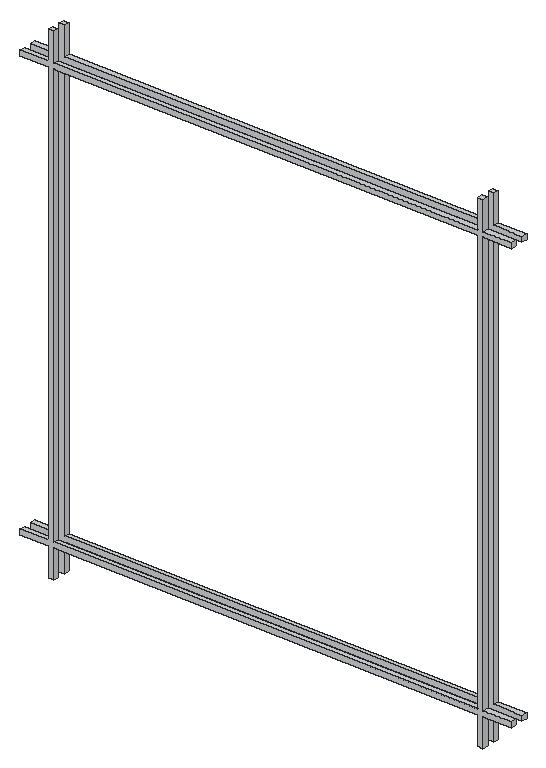
Revit family "M_Padrão do montante_pradaria", category Modelos genéricos, Revit 2019
Family settings
  Pode hospedar o vergalhão = Não
  Cota do conector redondo = Utilizar diâmetro
  Tipo de parte = Normal
  Com base no plano de trabalho = Não
  Sempre na vertical = Sim
  Corte com vazios quando carregada = Não
  Compartilhado = Sim
  Ponto de cálculo do ambiente = Não
Parameters
  Largura [instance] = 1200 mm
  Espessura = 12.7 mm
  Altura [instance] = 1200 mm
  Material interior [instance] = none
  Material externo [instance] = none
  Distância = 19.05 mm
Reference planes
  plane 1 "Centro (Frente/Trás)": y = 0
  plane 2: z = 0
  plane 3 "Centro (Esquerda/Direita)": x = 0
  plane 4: z = 1200
  plane 5: x = -600
  plane 6: x = 600
  plane 7: z = 600
  plane 8 "a": y = 9.525
  plane 9 "b": y = -9.525
  plane 10: z = 1123.8
  plane 11: x = -523.8
  plane 12: z = 76.2
  plane 13: x = 523.8
  plane 14: z = 1130.15
  plane 15: z = 1117.45
  plane 16: x = -530.15
  plane 17: x = -517.45
  plane 18: z = 82.55
  plane 19: z = 69.85
  plane 20: x = 517.45
  plane 21: x = 530.15
  plane 22: y = 22.225
  plane 23: y = -22.225
Forms (mm)
  Extrusion 1, solid, material <- "Material externo", detail levels fine
    sketch origin (0, 9.525, 0) x (-1, 0, 0) y (0, 0, 1)
      loop
        line (600, 1130.15) -> (530.15, 1130.15) -> (530.15, 1200) -> (517.45, 1200) -> (517.45, 1130.15) -> (-517.45, 1130.15) -> (-517.45, 1200) -> (-530.15, 1200) -> (-530.15, 1130.15) -> (-600, 1130.15) -> (-600, 1117.45) -> (-530.15, 1117.45) -> (-530.15, 82.55) -> (-600, 82.55) -> (-600, 69.85) -> (-530.15, 69.85) -> (-530.15, 0) -> (-517.45, 0) -> (-517.45, 69.85) -> (517.45, 69.85) -> (517.45, 0) -> (530.15, 0) -> (530.15, 69.85) -> (600, 69.85) -> (600, 82.55) -> (530.15, 82.55) -> (530.15, 1117.45) -> (600, 1117.45) -> (600, 1130.15)
      loop
        line (517.45, 82.55) -> (517.45, 1117.45) -> (-517.45, 1117.45) -> (-517.45, 82.55) -> (517.45, 82.55)
    from 12.7 to 0
  Extrusion 2, solid, material <- "Material interior", detail levels fine
    sketch origin (0, 9.525, 0) x (-1, 0, 0) y (0, 0, 1)
      loop
        line (600, 1130.15) -> (530.15, 1130.15) -> (530.15, 1200) -> (517.45, 1200) -> (517.45, 1130.15) -> (-517.45, 1130.15) -> (-517.45, 1200) -> (-530.15, 1200) -> (-530.15, 1130.15) -> (-600, 1130.15) -> (-600, 1117.45) -> (-530.15, 1117.45) -> (-530.15, 82.55) -> (-600, 82.55) -> (-600, 69.85) -> (-530.15, 69.85) -> (-530.15, 0) -> (-517.45, 0) -> (-517.45, 69.85) -> (517.45, 69.85) -> (517.45, 0) -> (530.15, 0) -> (530.15, 69.85) -> (600, 69.85) -> (600, 82.55) -> (530.15, 82.55) -> (530.15, 1117.45) -> (600, 1117.45) -> (600, 1130.15)
      loop
        line (517.45, 82.55) -> (517.45, 1117.45) -> (-517.45, 1117.45) -> (-517.45, 82.55) -> (517.45, 82.55)
    from -19.05 to -31.75
Lines and regions (mm)
  model lines, detail levels medium
    curve 1: line (-523.8, 9.525, 1200) -> (-523.8, 9.525, 0)
    curve 2: line (523.8, 9.525, 1200) -> (523.8, 9.525, 0)
    curve 3: line (-600, 9.525, 1123.8) -> (600, 9.525, 1123.8)
    curve 4: line (-600, 9.525, 76.2) -> (600, 9.525, 76.2)
    curve 5: line (-523.8, -9.525, 1200) -> (-523.8, -9.525, 0)
    curve 6: line (523.8, -9.525, 1200) -> (523.8, -9.525, 0)
    curve 7: line (-600, -9.525, 1123.8) -> (600, -9.525, 1123.8)
    curve 8: line (-600, -9.525, 76.2) -> (600, -9.525, 76.2)
Dimensions and locks
  equal spacing: plane 6, plane 3 "Centro (Esquerda/Direita)", plane 5
  "Largura": plane 6 to plane 5
  "Altura": plane 4 to plane 2
  equal spacing: plane 4, plane 7, plane 2
  locked: curve 2 to plane 6 at 76.2
  equal spacing: plane 8 "a", plane 1 "Centro (Frente/Trás)", plane 9 "b"
  "Distância": plane 8 "a" to plane 9 "b"
  locked: plane 4 to plane 10 at 76.2
  locked: plane 11 to plane 5 at 76.2
  locked: plane 6 to plane 13 at 76.2
  locked: plane 12 to plane 2 at 76.2
  locked: plane 14 to plane 10 at 6.35
  locked: plane 10 to plane 15 at 6.35
  locked: plane 11 to plane 16 at 6.35
  locked: plane 17 to plane 11 at 6.35
  locked: plane 18 to plane 12 at 6.35
  locked: plane 12 to plane 19 at 6.35
  locked: plane 21 to plane 13 at 6.35
  locked: plane 13 to plane 20 at 6.35
  "Espessura": plane 22 to plane 8 "a"
  "Espessura": plane 9 "b" to plane 23
  aligned and locked: plane 2 to level
  aligned and locked: Extrusion 1 sketch curve to Extrusion 1 sketch curve  (x16)
  aligned and locked: plane 2 to curve 1
  aligned and locked: plane 2 to curve 2
  aligned and locked: plane 4 to curve 1
  aligned and locked: plane 4 to curve 2
  aligned and locked: plane 5 to curve 3
  aligned and locked: plane 5 to curve 4
  aligned and locked: plane 6 to curve 3
  aligned and locked: plane 6 to curve 4
  aligned and locked: plane 2 to Extrusion 1 sketch curve  (x2)
  aligned and locked: plane 4 to Extrusion 1 sketch curve  (x2)
  aligned and locked: Extrusion 1 sketch curve to plane 5  (x2)
  aligned and locked: Extrusion 1 sketch curve to plane 6  (x2)
  aligned and locked: plane 16 to Extrusion 1 sketch curve
  aligned and locked: Extrusion 1 sketch curve to plane 17
  aligned and locked: Extrusion 1 sketch curve to plane 14
  aligned and locked: plane 15 to Extrusion 1 sketch curve
  aligned and locked: Extrusion 1 sketch curve to plane 18
  aligned and locked: plane 19 to Extrusion 1 sketch curve
  aligned and locked: plane 20 to Extrusion 1 sketch curve
  aligned and locked: Extrusion 1 sketch curve to plane 21
  aligned and locked: curve 3 to plane 10
  aligned and locked: curve 4 to plane 12
  aligned and locked: curve 1 to plane 11
  aligned and locked: Extrusion 1 to plane 8 "a"
  aligned and locked: Extrusion 1 to plane 22
  aligned and locked: Extrusion 2 sketch curve to Extrusion 2 sketch curve  (x16)
  aligned and locked: plane 9 "b" to Extrusion 2
  aligned and locked: Extrusion 2 to plane 23
Automatic sketch dimensions
  Extrusion 2 sketch curve to plane 6 = 0 mm  (x2)
  Extrusion 2 sketch curve to plane 14 = 0 mm
  Extrusion 2 sketch curve to plane 21 = 0 mm
  Extrusion 2 sketch curve to plane 20 = 0 mm
  Extrusion 2 sketch curve to plane 17 = 0 mm
  Extrusion 2 sketch curve to plane 4 = 0 mm  (x2)
  Extrusion 2 sketch curve to plane 16 = 0 mm
  Extrusion 2 sketch curve to plane 5 = 0 mm  (x2)
  Extrusion 2 sketch curve to level = 0 mm  (x2)
  Extrusion 2 sketch curve to plane 19 = 0 mm
  Extrusion 2 sketch curve to plane 18 = 0 mm
  Extrusion 2 sketch curve to plane 15 = 0 mm
  curve 8 to plane 6 = 0 mm
  curve 7 to plane 6 = 0 mm
  curve 6 to level = 0 mm
  curve 6 to plane 13 = 0 mm
  curve 5 to level = 0 mm
  curve 5 to plane 11 = 0 mm
  curve 8 to plane 5 = 0 mm
  curve 7 to plane 5 = 0 mm
  curve 8 to plane 12 = 0 mm
  curve 7 to plane 10 = 0 mm
  curve 6 to plane 4 = 0 mm
  curve 5 to plane 4 = 0 mm
